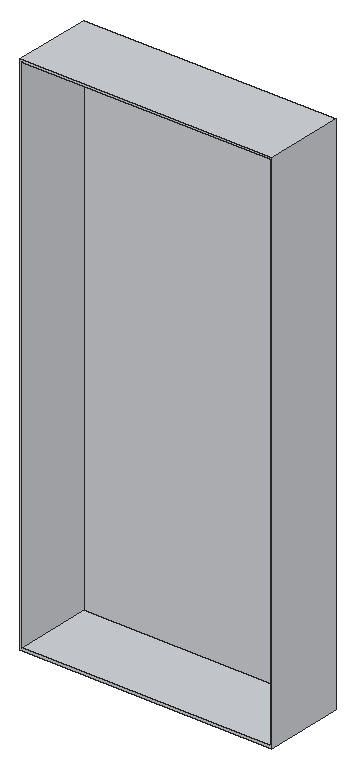
Revit family "Hager-VOLTA-Surface_mounted-IP30-Without_Cover-Without_DIN-NoHosted-CH-it", category Electrical Equipment, Revit 2023
Family settings
  Panel Configuration = Two Columns, Circuits Across
  Round Connector Dimension = Use Diameter
  Part Type = Panelboard
  Work Plane-Based = Yes
  Always vertical = Yes
  Cut with Voids When Loaded = No
  Maintain Annotation Orientation = No
  Shared = No
  Room Calculation Point = No
Parameters (values of type "VOLTA-Surface_mounted_W305_H640_D96_12_Modular_Spacing-VA48MD")
  Width Control [instance] = if([HG000006-Flush mounted-it], if([EF000846 - larghezza di montaggio] > min_whd, [EF000846 - larghezza di montaggio], min_whd), if([EF000008 - larghezza] > min_whd, ([EF000008 - larghezza]), min_whd))  # 305 mm
  Void Depth [instance] = if([EF000218 - profondità di montaggio] > 1 mm, [EF000218 - profondità di montaggio], 1 mm)  # 1 mm
  Uniformat code = "D501001"
  Uniformat = "Low Tension Service & Dist."
  Référence = ""
  HGEF0002950-larghezza in unità di suddivisione = 12
  HGEF000266-Numero di file = 4
  HG000131 - Functional label [instance] = ""
  HG000130 - Functional name [instance] = ""
  HG000099-Onfly Template ID-it-CH = "507532"
  HG000059-Operating voltage-it-CH [instance] = 230 V
  HG000017-Distance between poles-it = 18 mm
  HG000016-Door 3D visibility-it = yes
  HG000015-Clearance visibility-it = yes
  HG000014-Door on the right-it = yes
  HG000013-Door on the left-it = no
  HG000012-Door swing angle-it = 90.00°
  HG000011-Empty rows from bottom-it = no
  HG000010-Asymmetric doors-it = no
  HG000009-Double swing door-it = no
  HG000008-Number of empty rows-it = 0
  HG000007-Number of empty columns-it = 0
  HG000006-Flush mounted-it = no
  HG000005-Thickness-it = 2 mm
  HG000004-Manufacturer reference-it = "VA48MD"
  HG000003-Range-it = "VOLTA"
  HG000002-with door or cover-it = no
  HG000001 - Numero di colonne = 0
  ETIM class name = "Small distribution board"
  ETIM class code = "EC000214"
  EF015941 - porta di trasmissione del segnale = no
  EF015777 - morsettiera a conduttore neutro = no
  EF015776 - morsetto di messa a terra = no
  EF009212 - tipo di coperchio = "con taglio"
  EF006306 - con serratura = no
  EF006244 - coperchio/porta trasparente = no
  EF005474 - grado di protezione (IP) = "IP30"
  EF004464 - tipo di porta = ""
  EF004462 - tipo di chiusura = ""
  EF002950 - numero di unità modulari = 12
  EF001596 - materiale della scatola = ""
  EF001134 - barra DIN = no
  EF001131 - profondità interna = 0 mm
  EF001088 - possibilità di applicazione = yes
  EF001062 - versione EMC = no
  EF000846 - larghezza di montaggio = 0 mm
  EF000339 - tipo di copertura = ""
  EF000332 - altezza di installazione = 0 mm
  EF000266 - numero di file = 4
  EF000218 - profondità di montaggio = 0 mm
  EF000118 - con piastra di montaggio = yes
  EF000116 - numero RAL = 9010
  EF000049 - profondità = 96 mm
  EF000040 - altezza = 640 mm
  EF000024 - resistente ai raggi UV = no
  EF000008 - larghezza = 305 mm
  EF000007 - colore = "bianco"
  EF000003 - modo di montaggio = "apparente"
  Type Comments = ""
  System Height [instance] = Height Control - 2 * [HG000005-Thickness-it]  # 636 mm
  Reference description = ""
  Reference = "VOLTA-Surface_mounted_W305_H640_D96_12_Modular_Spacing-VA48MD"
  Panel Name [instance] = ""  # (empty or 0)
  Offset [instance] = 0 mm
  Object type = ""
  Name hager = "ADD_Enclosures_EC000214"
  Name BIM&CO = "Electricity"
  Name = "VOLTA-Surface_mounted-IP30-Without_Cover-Without_DIN-CH"
  Model = ""
  Level Offset [instance] = [Flush Mounted - Door Frame Width] + Offset  # 0 mm
  HG000060-RAL-number = "9010"
  GTIN (Global Trade Item Number) = ""
  Description = ""
  Default Elevation = 1200 mm
  Creation Date = "12/15/2025 21:43:52"
  Code hager = "ADD-EC000214_EU"
  Code Uniformat = ""
  BIM&CO code = ""
  BC_VARIANT_ID = "1174158"
  BC_OBJECT_VERSION = "#9"  # constant formula
  BC_OBJECT_ID = "513473"  # constant formula
  BC_MODEL_ID = "1547145"  # constant formula
  BC_METADATA = "{\"ObjectGuid\":\"bc35c96e-cb38-443e-833d-0616858cb9ac\",\"ModelGuid\":\"8af03f69-2293-4735-a617-cc53adf55621\",\"VariantGuid\":\"8b6e323b-1b53-409a-a940-11b5a7fc5337\",\"Revision\":\"#4\",\"VariantName\":\"Template-Enclosure_EU-EC000214\"}"
  Arrow Offset [instance] = Depth Control / 8  # 12 mm
  Arrow Height [instance] = Depth Control - Arrow Offset  # 84 mm
  Host Offset [instance] = if([HG000006-Flush mounted-it], 0 mm, [EF000049 - profondità])  # 96 mm
  min_whd [instance] = (2 * [HG000005-Thickness-it]) + 1 mm  # 5 mm
  Manufacturer = "Hager"  # constant formula
  Height Control [instance] = if([HG000006-Flush mounted-it], if([EF000332 - altezza di installazione] > min_whd, [EF000332 - altezza di installazione], min_whd), if([EF000040 - altezza] > min_whd, ([EF000040 - altezza]), min_whd))  # 640 mm
  Flush Mounted - Door Frame Width [instance] = if(([EF000040 - altezza] - [EF000332 - altezza di installazione]) > 0 mm, if([HG000006-Flush mounted-it], [EF000040 - altezza] - [EF000332 - altezza di installazione], 0 mm), 0 mm)  # 0 mm
  Depth Control [instance] = if([HG000006-Flush mounted-it], if([EF000218 - profondità di montaggio] > 0 mm, [EF000218 - profondità di montaggio], 1 mm), if([EF000049 - profondità] > 0 mm, ([EF000049 - profondità]), 1 mm))  # 96 mm
Reference planes
  plane 1 "Center (Front/Back)": y = 0
  plane 2: z = 0
  plane 3 "Center (Left/Right)": x = 0
  plane 4: y = 2
  plane 5: y = 0
  plane 6: y = 0
  plane 7: z = 0
  plane 8: x = -152.5
  plane 9: x = 152.5
  plane 10: x = 150.5
  plane 11: x = -150.5
  plane 12: z = 0
  plane 13: z = 2
  plane 14: y = -91
  plane 15: y = -96
  plane 16: y = -2
  plane 17: z = 638
  plane 18: z = 640
  plane 19: z = 320
  plane 20: x = 0
  plane 21: y = -100
  plane 22 "Annotation H": y = -300
  plane 23 "Annotation V": x = 352.5
Forms (mm)
  Extrusion 1, solid
    sketch origin (-208.679, -4572, 0) x (-1, 0, 0) y (0, -1, 0)
      loop
        line (-56.179, -4476) -> (-361.179, -4476) -> (-361.179, -4572) -> (-56.179, -4572) -> (-56.179, -4476)
    from 0 to 640 <- "Height Control"
  Extrusion 2, void
    sketch origin (-350.771, -96, 1219.2) x (1, 0, 0) y (0, 0, 1)
      loop
        line (200.271, -581.2) -> (200.271, -1217.2) -> (501.271, -1217.2) -> (501.271, -581.2) -> (200.271, -581.2)
    from 0 to -94
  Extrusion 3, solid, detail levels coarse+medium
    sketch origin (-350.771, -96, 1219.2) x (-1, 0, 0) y (0, 0, 1)
      loop
        line (-200.271, -581.2) -> (-501.271, -581.2) -> (-501.271, -1217.2) -> (-200.271, -1217.2) -> (-200.271, -581.2)
    from 0 to 2 <- "HG000005-Thickness-it"
Cuts and joins
  Extrusion 2 cuts Extrusion 1
Dimensions and locks
  "Flush Mounted - Door Frame Width": plane 1 "Center (Front/Back)" to plane 6
  "HG000005-Thickness-it": plane 4 to plane 6
  "HG000005-Thickness-it": plane 8 to plane 11
  "HG000005-Thickness-it": plane 9 to plane 10
  equal spacing: plane 8, plane 3 "Center (Left/Right)", plane 9
  "Width Control": plane 8 to plane 9
  locked: plane 14 to plane 15 at 5
  "Host Offset": plane 1 "Center (Front/Back)" to plane 15
  "Depth Control": plane 5 to plane 15
  "HG000005-Thickness-it": plane 5 to plane 16
  "HG000005-Thickness-it": plane 13 to plane 12
  "Level Offset": plane 12 to level
  "HG000005-Thickness-it": plane 18 to plane 17
  "Height Control": plane 18 to plane 12
  "Arrow Offset": plane 5 to nested 4
  equal spacing: plane 18, plane 19, plane 12
  locked: connector elem to plane 19
  locked: connector elem to plane 3 "Center (Left/Right)"
  Extrusion 2 sketch curve to Extrusion 2 sketch curve to plane 9 = 301 mm, 2 mm
  locked: plane 9 to plane 23 "Annotation V" at 200
  locked: plane 22 "Annotation H" to plane 1 "Center (Front/Back)" at 300
  aligned and locked: nested 1 to plane 14
  aligned and locked: plane 3 "Center (Left/Right)" to nested 1
  aligned and locked: plane 3 "Center (Left/Right)" to nested 2
  aligned and locked: nested 2 to plane 15
  aligned and locked: plane 5 to Extrusion 1
  aligned and locked: Extrusion 3 sketch curve to plane 17
  aligned and locked: Extrusion 3 sketch curve to plane 11
  aligned and locked: plane 13 to Extrusion 3 sketch curve
  aligned and locked: Extrusion 3 sketch curve to plane 10
  aligned and locked: plane 13 to Extrusion 2 sketch curve
  aligned and locked: Extrusion 2 sketch curve to plane 17
  aligned and locked: plane 16 to Extrusion 2
  aligned and locked: plane 5 to Extrusion 1 sketch curve
  aligned and locked: plane 9 to Extrusion 1 sketch curve
  aligned and locked: plane 8 to Extrusion 1 sketch curve
  aligned and locked: plane 8 to nested 4
  aligned and locked: plane 8 to nested 3
  aligned and locked: nested 3 to plane 5
  aligned and locked: Extrusion 1 sketch curve to plane 15
  aligned and locked: Extrusion 2 to plane 15
  aligned and locked: nested 5 to plane 22 "Annotation H"
  aligned and locked: plane 23 "Annotation V" to nested 5
  aligned and locked: plane 11 to Extrusion 2
  aligned and locked: plane 10 to Extrusion 2
Nested families
  nested 1: "Hager_Enclosure_System" at (0, -91, 2), Height <- "System Height", Width_Control <- "Width Control", Built-in_Width <- "EF000846 - larghezza di montaggio", Width <- "EF000008 - larghezza", Depth <- "HG000005-Thickness-it", Border <- "HG000005-Thickness-it", Distance_Between_Poles <- "HG000017-Distance between poles-it", Flush_Mounted <- "HG000006-Flush mounted-it", Empty_Columns <- "HG000007-Number of empty columns-it", Total_No_Empty_Rows <- "HG000008-Number of empty rows-it", Empty_Rows_From_Bottom <- "HG000011-Empty rows from bottom-it", Columns_Count <- "HG000001 - Numero di colonne", Rows_Count <- "HGEF000266-Numero di file", Row_Module_Multiplicator <- "HGEF0002950-larghezza in unità di suddivisione", type "Hager_Enclosure_System", detail levels medium+fine
    with Width_Control 305 mm, Width 305 mm, Total_No_Rows 4, Total_No_Empty_Rows 0, Total_No_Columns 1, System_Width 301 mm, Rows_Count 4, Rows_Column 4, Row_Module_Multiplicator 12, Panel_4 no, Panel_3 no, Panel_2 no, Panel_1 no, No_Panels_Ctrl 1, Hide_Columns yes, Height 636 mm, Flush_Mounted no, Empty_Rows_From_Bottom no, Empty_Rows_Column 0, Empty_Columns 0, Empty column 4 0, Empty column 3 0, Empty column 2 0, Empty column 1 0, Distance_Between_Poles 18 mm, Depth 2 mm, Columns_Count 0, Column_Width 301 mm, Built-in_Width 0 mm, Border 2 mm
  nested 2: "Hager_Enclosure_Door" at (0, -96, 0), Height_Ctrl <- "Height Control", Width_Ctrl <- "Width Control", BuiltIn_Depth <- "EF000218 - profondità di montaggio", Depth <- "EF000049 - profondità", BuiltIn_Width <- "EF000846 - larghezza di montaggio", Height <- "EF000040 - altezza", BuiltIn_Height <- "EF000332 - altezza di installazione", Width <- "EF000008 - larghezza", Transparent <- "EF006244 - coperchio/porta trasparente", Border <- "HG000005-Thickness-it", Door <- "HG000002-with door or cover-it", Flush_Mounted <- "HG000006-Flush mounted-it", Double <- "HG000009-Double swing door-it", Assymetrical <- "HG000010-Asymmetric doors-it", Angle <- "HG000012-Door swing angle-it", Door_Left <- "HG000013-Door on the left-it", Door_Right <- "HG000014-Door on the right-it", Clearance <- "HG000015-Clearance visibility-it", 3d_Door <- "HG000016-Door 3D visibility-it", type "Hager_Enclosure_Door", detail levels medium+fine
    with min_wh 5 mm, Width_Ctrl 305 mm, Width 305 mm, Transparent_Door_No_Bottom_Border no, Transparent no, Leaf_Width 298 mm, Leaf_Tolerance 1.5 mm, Leaf_Height 633 mm, Leaf_2_Width 298 mm, Leaf_2_Offset 149 mm, Leaf_1_Width 298 mm, Leaf_1_Offset 149 mm, Height_Ctrl 640 mm, Height 640 mm, Frame_Width_Ctrl 305 mm, Frame_Width 305 mm, Frame_Internal_Offset 0 mm, Frame_Height_Ctrl 640 mm, Frame_Height 640 mm, Frame_Depth_Ctrl 1 mm, Frame_Depth 0 mm, Flush_Mounted no, Double_Clearance_Ctrl no, Double no, Door_Right_Ctrl no, Door_Right yes, Door_Left_Ctrl no, Door_Left no, Door no, Depth 96 mm, Clearance_Depth 298 mm, Clearance_Ctrl yes, Clearance yes, BuiltIn_Width 0 mm, BuiltIn_Height 0 mm, BuiltIn_Depth 0 mm, Border 2 mm, Assymetrical no, Angle 90.00°, 3d_Door yes
  nested 3: "Hager_Enclosure_Symbol_Triangle" at (-152.5, 0, 0), Depth <- "Depth Control", Width <- "Width Control", type "Hager_Enclosure_Symbol_Triangle"
    with Width_Ctrl 305 mm, Width 305 mm, Depth_Ctrl 96 mm, Depth 96 mm
  nested 4: "Hager_Enclosure_Symbol_Arrow" at (-152.5, -12, 0), Height <- "Arrow Height", type "Hager_Enclosure_Symbol_Arrow"
    with Width_Inside 6.3 mm, Width 75.6 mm, Height_Ctrl 84 mm, Height 84 mm
  nested 5: "Hager_Annotation-HG000130" at (352.5, -300, 0), HG000130 - Functional name <- "HG000130 - Functional name", type "Hager_Annotation-HG000130"
    with HG000130 - Functional name ""
Connectors
  electrical at (0, 0, 320), driven by "HG000059-Operating voltage-it-CH"
    settings: on plane 5, index 1, voltage 230 V, apparent load 0 VA, apparent load phase1 0 VA, apparent load phase2 0 VA, apparent load phase3 0 VA, power factor 1, load classification "Other", number of poles 1, system type 30, power factor state 1, is connector primary yes, connector utility no, sub classification motor no, connector description ""
Definition of nested family "Hager_Enclosure_Door"
  Parameters (values of type "Hager_Enclosure_Door")
    min_wh [instance] = (2 * Border) + 1 mm  # 11 mm
    Width_Ctrl [instance] = 400 mm
    Width [instance] = 500 mm
    Transparent_Door_No_Bottom_Border [instance] = no
    Transparent [instance] = yes
    Leaf_Width [instance] = if((Width_Ctrl - 2 * Border - 2 * Leaf_Tolerance) > 0 mm, (Width_Ctrl - 2 * Border - 2 * Leaf_Tolerance), min_wh)  # 387 mm
    Leaf_Tolerance [instance] = 1.5 mm  # constant formula
    Leaf_Height [instance] = if((Height_Ctrl - 2 * Border - 2 * Leaf_Tolerance) > 0 mm, (Height_Ctrl - 2 * Border - 2 * Leaf_Tolerance), min_wh)  # 387 mm
    Leaf_2_Width [instance] = if(and(and(Double, Assymetrical), Door_Left), (Leaf_Width / 3) - (Leaf_Tolerance / 2), if(and(and(Double, Assymetrical), Door_Right), (Leaf_Width / 3) * 2 - (Leaf_Tolerance / 2), if(and(Double, not(Assymetrical)), (Leaf_Width / 2) - Leaf_Tolerance, Leaf_Width)))  # 387 mm
    Leaf_2_Offset [instance] = if(and(Double, Assymetrical), Leaf_2_Width / 2, if(and(Double, not(Assymetrical)), Leaf_Width / 4, Leaf_Width / 2))  # 193.5 mm
    Leaf_1_Width [instance] = if(and(and(Double, Assymetrical), Door_Right), (Leaf_Width / 3) - (Leaf_Tolerance / 2), if(and(and(Double, Assymetrical), Door_Left), (Width / 3) * 2 - (Leaf_Tolerance / 2), if(and(Double, not(Assymetrical)), (Leaf_Width / 2) - Leaf_Tolerance, Leaf_Width)))  # 387 mm
    Leaf_1_Offset [instance] = if(and(Double, Assymetrical), Leaf_1_Width / 2, if(and(Double, not(Assymetrical)), Leaf_Width / 4, Leaf_Width / 2))  # 193.5 mm
    Height_Ctrl [instance] = 400 mm
    Height [instance] = 500 mm
    Frame_Width_Ctrl [instance] = if(Frame_Width > 0 mm, Frame_Width, 1 mm)  # 1 mm
    Frame_Width [instance] = Width - BuiltIn_Width  # 0 mm
    Frame_Internal_Offset [instance] = if(Flush_Mounted, Border, 0 mm)  # 5 mm
    Frame_Height_Ctrl [instance] = if(Frame_Height > 0 mm, Frame_Height, 1 mm)  # 1 mm
    Frame_Height [instance] = Height - BuiltIn_Height  # 0 mm
    Frame_Depth_Ctrl [instance] = if(Frame_Depth > 0 mm, Frame_Depth, 1 mm)  # 1 mm
    Frame_Depth [instance] = if(Depth - BuiltIn_Depth > 0 mm, if(Flush_Mounted, Depth - BuiltIn_Depth, 0 mm), 0 mm)  # 0 mm
    Flush_Mounted [instance] = yes
    Double_Clearance_Ctrl [instance] = and(Double, Clearance)  # no
    Double [instance] = no
    Door_Right_Ctrl [instance] = and(or(Door_Right, Double), Door)  # yes
    Door_Right [instance] = yes
    Door_Left_Ctrl [instance] = and(or(Door_Left, Double), Door)  # no
    Door_Left [instance] = no
    Door [instance] = yes
    Depth [instance] = 500 mm
    Default Elevation = 1219.2 mm
    Clearance_Material = none
    Clearance_Depth [instance] = if(Leaf_1_Width > Leaf_2_Width, Leaf_1_Width, Leaf_2_Width)  # 387 mm
    Clearance_Ctrl [instance] = and(not(Double), Clearance)  # yes
    Clearance [instance] = yes
    BuiltIn_Width [instance] = 500 mm
    BuiltIn_Height [instance] = 500 mm
    BuiltIn_Depth [instance] = 500 mm
    Border [instance] = 5 mm
    Assymetrical [instance] = yes
    Angle [instance] = 30.00°
    3d_Door [instance] = yes
  Reference planes
    plane 1 "Center (Front/Back)": y = 0
    plane 2 "Bottom": z = 0
    plane 3 "Center (Left/Right)": x = 0
    plane 4: z = 400
    plane 5: x = -200
    plane 6: x = 200
    plane 7: z = 395
    plane 8: x = -195
    plane 9: z = 5
    plane 10: x = 195
    plane 11: y = 0
    plane 12: z = 6.5
    plane 13: x = -582
    plane 14: y = -387
    plane 15: x = 582
    plane 16: x = 0
    plane 17: x = 0
    plane 18: x = -193.5
    plane 19: x = 193.5
    plane 20: z = 393.5
  Forms (mm)
    Extrusion 1, solid, visible <- "Flush_Mounted"
      sketch origin (0, 0, 0) x (1, 0, 0) y (0, 0, 1)
        loop
          line (195, 5) -> (195, 395) -> (-195, 395) -> (-195, 5) -> (195, 5)
        loop
          line (-201, 401) -> (-201, -1) -> (201, -1) -> (201, 401) -> (-201, 401)
      from 0 to 1 <- "Frame_Depth_Ctrl"
    Extrusion 2, solid, material <- "Clearance_Material", visible <- "Double_Clearance_Ctrl"
      sketch origin (1200, 0, 0) x (1, 0, 0) y (0, 0, -1)
        loop
          line (-1782, -393.5) -> (-618, -393.5) -> (-618, 0) -> (-1782, 0) -> (-1782, -393.5)
      from 0 to -387
  Dimensions and locks
    equal spacing: plane 5, plane 3 "Center (Left/Right)", plane 6
    "Width_Ctrl": plane 5 to plane 6
    "Border": plane 5 to plane 8
    "Border": plane 6 to plane 10
    "Border": plane 9 to level
    "Border": plane 4 to plane 7
    "Height_Ctrl": plane 4 to level
    "Leaf_Tolerance": plane 12 to plane 9
    "Frame_Depth": plane 11 to plane 1 "Center (Front/Back)"
    "Frame_Width_Ctrl": plane 5 to Extrusion 1 sketch curve
    "Frame_Width_Ctrl": plane 6 to Extrusion 1 sketch curve
    "Frame_Width_Ctrl": Extrusion 1 sketch curve to plane 4
    "Frame_Width_Ctrl": plane 2 "Bottom" to Extrusion 1 sketch curve
    "Leaf_1_Offset": plane 18 to plane 16
    "Leaf_2_Offset": plane 17 to plane 19
    "Leaf_1_Width": plane 13 to plane 8
    "Leaf_2_Width": plane 10 to plane 15
    "Clearance_Depth": plane 14 to plane 1 "Center (Front/Back)"
    "Leaf_Tolerance": plane 8 to plane 18
    "Leaf_Tolerance": plane 19 to plane 10
    "Leaf_Tolerance": plane 7 to plane 20
    "Frame_Internal_Offset": plane 5 to Extrusion 1 sketch curve
    "Frame_Internal_Offset": Extrusion 1 sketch curve to plane 2 "Bottom"
    "Frame_Internal_Offset": plane 6 to Extrusion 1 sketch curve
    "Frame_Internal_Offset": plane 4 to Extrusion 1 sketch curve
    aligned and locked: level to plane 2 "Bottom"
    aligned and locked: nested 1 to plane 16
    aligned and locked: nested 2 to plane 17
    aligned and locked: Extrusion 2 to plane 13
    aligned and locked: plane 15 to Extrusion 2
    aligned and locked: Extrusion 2 to plane 14
    aligned and locked: plane 12 to nested 1
    aligned and locked: nested 2 to plane 12
    aligned and locked: Extrusion 2 to plane 11
    aligned and locked: plane 20 to Extrusion 2
    aligned and locked: nested 2 to plane 11
    aligned and locked: nested 1 to plane 11
  Automatic sketch dimensions
    Extrusion 2 sketch curve to level = 0 mm
    plane 5 to Extrusion 2 sketch curve = 382 mm
    plane 6 to Extrusion 2 sketch curve = 382 mm
    Extrusion 2 sketch curve to plane 4 = 6.5 mm
  Nested families
    nested 1: "Hager_Enclosure_Door_Leaf" at (0, 0, 6.5), Width <- "Leaf_1_Width", visible <- "Door_Left_Ctrl", Leaf_Height <- "Leaf_Height", Angle <- "Angle", Depth <- "Border", 3d_Door <- "3d_Door", Transparent <- "Transparent", Clearance Material <- "Clearance_Material", Clearance <- "Clearance_Ctrl", Transparent_Door_No_Bottom_Border <- "Transparent_Door_No_Bottom_Border", type "Hager_Enclosure_Door_Leaf"
      with Width 387 mm, Transparent_Door_No_Bottom_Border no, Transparent_Door_Border_Bottom_Top 25 mm, Transparent_Door_Border 25 mm, Transparent_Ctrl yes, Transparent yes, Standard no, Leaf_Height 387 mm, Glass_Offset 1 mm, Depth 5 mm, Clearance Material none, Clearance yes, Angle_Ctrl 30.00°, Angle 30.00°, 3d_Door yes
    nested 2: "Hager_Enclosure_Door_Leaf" at (0, 0, 6.5) x (-1, 0, 0) z (0, 0, 1), Width <- "Leaf_2_Width", visible <- "Door_Right_Ctrl", Leaf_Height <- "Leaf_Height", Angle <- "Angle", Depth <- "Border", 3d_Door <- "3d_Door", Transparent <- "Transparent", Clearance Material <- "Clearance_Material", Clearance <- "Clearance_Ctrl", Transparent_Door_No_Bottom_Border <- "Transparent_Door_No_Bottom_Border", type "Hager_Enclosure_Door_Leaf"
      with Width 387 mm, Transparent_Door_No_Bottom_Border no, Transparent_Door_Border_Bottom_Top 25 mm, Transparent_Door_Border 25 mm, Transparent_Ctrl yes, Transparent yes, Standard no, Leaf_Height 387 mm, Glass_Offset 1 mm, Depth 5 mm, Clearance Material none, Clearance yes, Angle_Ctrl 30.00°, Angle 30.00°, 3d_Door yes
  Definition of nested family "Hager_Enclosure_Door_Leaf"
    Parameters (values of type "Hager_Enclosure_Door_Leaf")
      Width [instance] = 2000 mm
      Transparent_Door_No_Bottom_Border [instance] = yes
      Transparent_Door_Border_Bottom_Top [instance] = if(Transparent_Door_No_Bottom_Border, 0.1 mm, Transparent_Door_Border)  # 0.1 mm
      Transparent_Door_Border [instance] = if(Transparent_Door_No_Bottom_Border, (Width * 0.12), 25 mm)  # 240 mm
      Transparent_Ctrl [instance] = and(Transparent, [3d_Door])  # yes
      Transparent [instance] = yes
      Standard [instance] = and(not(Transparent), [3d_Door])  # no
      Leaf_Height [instance] = 2720.336 mm
      Glass_Offset [instance] = if((Depth - 10 mm) / 2 > 0 mm, (Depth - 10 mm) / 2, 1 mm)  # 15 mm
      Glass_Material = none
      Depth [instance] = 40 mm
      Default Elevation = 0 mm
      Clearance Material [instance] = none
      Clearance [instance] = yes
      Angle_Ctrl [instance] = if(Angle > 170.00°, 170.00°, Angle)  # 45.00°
      Angle [instance] = 45.00°
      3d_Door [instance] = yes
    Reference planes
      plane 1 "Center (Front/Back)": y = 0
      plane 2: z = 0
      plane 3 "Center (Left/Right)": x = 0
      plane 4: y = 2000
      plane 5: x = -1000
      plane 6: x = 1000
      plane 7: x = -3000
      plane 8: z = 2720.336
      plane 9: z = 0.1
      plane 10: z = 2720.236
      plane 11: x = 760
      plane 12: x = -760
    Forms (mm)
      Extrusion 1, solid, material <- "Clearance Material", visible <- "Clearance"
        sketch origin (0, 0, 0) x (1, 0, 0) y (0, 0, 1)
          loop
            line (-3000, 2720.336) -> (-3000, 0) -> (1000, 0) -> (1000, 2720.336) -> (-3000, 2720.336)
        from 0 to -2000
      Extrusion 2, solid, visible <- "Standard", detail levels medium+fine
        sketch origin (-1000, 0, 0) x (0.707107, 0.707107, 0) y (-0.707107, 0.707107, 0)
          loop
            line (0, -40) -> (2000, -40) -> (2000, 0) -> (0, 0) -> (0, -40)
        from 0 to 2720.336 <- "Leaf_Height"
      Extrusion 3, solid, visible <- "Transparent_Ctrl", detail levels medium+fine
        sketch origin (-1000, 0, 0) x (0.707107, 0.707107, 0) y (-0.707107, 0.707107, 0)
          loop
            line (0, -40) -> (2000, -40) -> (2000, 0) -> (0, 0) -> (0, -40)
        from 0 to 2720.336 <- "Leaf_Height"
      Extrusion 4, void, detail levels medium+fine
        sketch origin (-1000, 0, 0) x (-0.707107, 0.707107, 0) y (0.707107, 0.707107, 0)
          loop
            line (0, 240) -> (0, 1760) -> (-40, 1760) -> (-40, 240) -> (0, 240)
        from -2720.236 to -0.1
      Extrusion 5, solid, material <- "Glass_Material", visible <- "Transparent_Ctrl", detail levels medium+fine
        sketch origin (-1000, 0, 0) x (0.707107, 0.707107, 0) y (-0.707107, 0.707107, 0)
          loop
            line (240, -15) -> (240, -25) -> (1760, -25) -> (1760, -15) -> (240, -15)
        from 0.1 to 2720.236
    Cuts and joins
      Extrusion 4 cuts Extrusion 3
    Lines and regions (mm)
      symbolic lines
        curve 1: line (1000, 0, 0) -> (-3000, 0, 0)
        curve 2: arc (1000, 0, 0) -> (-1000, 2000, 0) -> (-3000, 0, 0) r 2000
        curve 4: line (-1000, 0, 0) -> (414.214, 1414.214, 0)
      reference lines
        curve 3: line (-1000, 0, 0) -> (414.214, 1414.214, 0)
      symbolic lines, detail levels medium+fine
        curve 5: line (414.214, 1414.214, 0) -> (442.498, 1385.929, 0)
        curve 6: line (442.498, 1385.929, 0) -> (-971.716, -28.284, 0)
        curve 7: line (-971.716, -28.284, 0) -> (-1000, 0, 0)
        curve 8: line (-1000, 0, 2720.336) -> (1000, 0, 2720.336)
        curve 9: line (-1000, 0, 0) -> (-1000, 0, 2720.336)
        curve 10: line (1000, 0, 0) -> (-1000, 0, 0)
        curve 11: line (1000, 0, 2720.336) -> (1000, 0, 0)
      symbolic lines, visible <- "Transparent_Ctrl", detail levels medium+fine
        curve 12: line (-760, 0, 2720.236) -> (760, 0, 2720.236)
        curve 13: line (-760, 0, 0.1) -> (-760, 0, 2720.236)
        curve 14: line (760, 0, 0.1) -> (-760, 0, 0.1)
        curve 15: line (760, 0, 2720.236) -> (760, 0, 0.1)
    Dimensions and locks
      "Width": plane 1 "Center (Front/Back)" to plane 4
      equal spacing: plane 5, plane 3 "Center (Left/Right)", plane 6
      "Width": plane 5 to plane 6
      "Width": plane 7 to plane 5
      "Leaf_Height": plane 8 to level
      "Depth": curve 6 to curve 3
      "Width": curve 5 to curve 3
      "Width": curve 3 to curve 3
      "Transparent_Door_Border": Extrusion 4 sketch curve to curve 7
      "Transparent_Door_Border": Extrusion 4 sketch curve to curve 5
      "Transparent_Door_Border_Bottom_Top": plane 8 to plane 10
      "Transparent_Door_Border_Bottom_Top": plane 9 to level
      "Glass_Offset": Extrusion 5 sketch curve to curve 4
      "Glass_Offset": Extrusion 5 sketch curve to curve 6
      "Transparent_Door_Border": Extrusion 5 sketch curve to curve 5
      "Transparent_Door_Border": Extrusion 5 sketch curve to curve 7
      "Transparent_Door_Border": plane 12 to plane 5
      "Transparent_Door_Border": plane 6 to plane 11
      "Angle_Ctrl": angle plane 1 "Center (Front/Back)" to curve 3
      aligned and locked: level to plane 2
      aligned and locked: Extrusion 1 to curve 1
      aligned and locked: plane 6 to Extrusion 1
      aligned and locked: Extrusion 1 to plane 1 "Center (Front/Back)"
      aligned and locked: plane 4 to Extrusion 1
      aligned and locked: plane 8 to Extrusion 1
      aligned and locked: curve 4 to curve 3
      aligned and locked: Extrusion 2 sketch curve to curve 7
      aligned and locked: Extrusion 2 sketch curve to curve 6
      aligned and locked: Extrusion 2 sketch curve to curve 5
      aligned and locked: Extrusion 2 sketch curve to curve 3
      aligned and locked: curve 7 to Extrusion 3 sketch curve
      aligned and locked: Extrusion 3 sketch curve to curve 4
      aligned and locked: Extrusion 3 sketch curve to curve 6
      aligned and locked: Extrusion 3 sketch curve to curve 5
      aligned and locked: curve 4 to Extrusion 4 sketch curve
      aligned and locked: curve 6 to Extrusion 4 sketch curve
      aligned and locked: Extrusion 4 to plane 9
      aligned and locked: Extrusion 4 to plane 10
      aligned and locked: Extrusion 5 to plane 9
      aligned and locked: Extrusion 5 to plane 10
      aligned and locked: curve 8 to plane 8
      aligned and locked: plane 5 to curve 9
      aligned and locked: plane 2 to curve 10
      aligned and locked: curve 11 to plane 6
      aligned and locked: plane 10 to curve 12
      aligned and locked: plane 12 to curve 13
      aligned and locked: curve 14 to plane 9
      aligned and locked: plane 11 to curve 15
    Automatic sketch dimensions
      plane 1 "Center (Front/Back)" to curve 2 = 0 mm
      curve 2 to plane 5 = 0 mm
      Extrusion 1 sketch curve to level = 0 mm
      Extrusion 1 sketch curve to plane 7 = 0 mm
      Extrusion 1 sketch curve to plane 6 = 0 mm
      Extrusion 1 sketch curve to plane 8 = 0 mm
      plane 1 "Center (Front/Back)" to curve 3 = 0 mm
      curve 3 to plane 5 = 0 mm
      curve 7 to curve 3 = 0 mm
Definition of nested family "Hager_Enclosure_Symbol_Triangle"
  Parameters (values of type "Hager_Enclosure_Symbol_Triangle")
    Width_Ctrl [instance] = if(Width > 1 mm, Width, 1 mm)  # 498 mm
    Width [instance] = 498 mm
    Depth_Ctrl [instance] = if(Depth > 1 mm, Depth, 1 mm)  # 72 mm
    Depth [instance] = 72 mm
  Reference planes
    plane 1 "Centre (avant/arrière)": y = 0
    plane 2: z = 0
    plane 3 "Centre (gauche/droite)": x = 0
  Lines and regions (mm)
    Filled region 1, type "Solid_Black", in view "Niveau de réf."
      outline origin (0, 0, 0) x (1, 0, 0) y (0, 1, 0)
        loop
          line (0, 0) -> (498, 0) -> (498, 72) -> (0, 0)
    reference lines, in view "Niveau de réf."
      curve 1: line (-206.153, 72, 0) -> (1083.258, 72, 0)
      curve 2: line (498, 405.456, 0) -> (498, -517.619, 0)
  Dimensions and locks
    "Depth_Ctrl": plane 1 "Centre (avant/arrière)" to curve 1
    "Width_Ctrl": plane 3 "Centre (gauche/droite)" to curve 2
    aligned and locked: curve 1 to Filled region 1 sketch curve
    aligned and locked: Filled region 1 sketch curve to plane 1 "Centre (avant/arrière)"
    aligned and locked: curve 2 to Filled region 1 sketch curve
    aligned and locked: plane 3 "Centre (gauche/droite)" to Filled region 1 sketch curve
    aligned and locked: plane 1 "Centre (avant/arrière)" to Filled region 1 sketch curve
  Automatic sketch dimensions
    curve 1 to plane 3 "Centre (gauche/droite)" = 206.153 mm
    curve 2 to curve 1 = 585.258 mm
    plane 1 "Centre (avant/arrière)" to curve 2 = 517.619 mm
    curve 2 to plane 1 "Centre (avant/arrière)" = 405.456 mm
Definition of nested family "Hager_Enclosure_Symbol_Arrow"
  Parameters (values of type "Hager_Enclosure_Symbol_Arrow")
    Width_Inside [instance] = if(Width / 12 > 2 mm, Width / 12, 2 mm)  # 4.987 mm
    Width [instance] = if(Height_Ctrl * 0.9 > 2 mm, Height_Ctrl * 0.9, 2 mm)  # 59.85 mm
    Height_Ctrl [instance] = if(Height > 2 mm, Height, 2 mm)  # 66.5 mm
    Height [instance] = 66.5 mm
  Reference planes
    plane 1 "Centre (avant/arrière)": y = 0
    plane 2: z = 0
    plane 3 "Centre (gauche/droite)": x = 0
    plane 4: x = 59.85
    plane 5: y = 28.263
    plane 6: y = 38.238
    plane 7: y = 66.5
    plane 8: x = 29.925
    plane 9: y = 33.25
  Lines and regions (mm)
    Filled region 1, type "Solid_Black", in view "Niveau de réf."
      outline origin (0, 0, 0) x (1, 0, 0) y (0, 1, 0)
        loop
          line (59.85, 66.5) -> (37.929, 52.827) -> (51.846, 41.935) -> (59.85, 66.5)
    detail lines, in view "Niveau de réf."
      curve 1: line (0, 0, 0) -> (29.925, 38.238, 0)
      curve 2: line (29.925, 38.238, 0) -> (29.925, 28.263, 0)
      curve 3: line (29.925, 28.263, 0) -> (59.85, 66.5, 0)
  Dimensions and locks
    "Width": plane 3 "Centre (gauche/droite)" to plane 4
    "Height_Ctrl": plane 7 to plane 1 "Centre (avant/arrière)"
    equal spacing: plane 3 "Centre (gauche/droite)", plane 8, plane 4
    equal spacing: plane 7, plane 9, plane 1 "Centre (avant/arrière)"
    equal spacing: plane 6, plane 9, plane 5
    "Width_Inside": plane 6 to plane 9
    equal spacing: curve 3, Filled region 1 sketch curve, Filled region 1 sketch curve
    angle Filled region 1 sketch curve to curve 3 = 20.00°
    angle curve 3 to Filled region 1 sketch curve = 20.00°
    locked: curve 3 to Filled region 1 sketch curve (angle 90.00°)
  Automatic sketch dimensions
    plane 1 "Centre (avant/arrière)" to curve 1 = 0 mm
    curve 1 to plane 3 "Centre (gauche/droite)" = 0 mm
    curve 2 to plane 6 = 0 mm
    curve 3 to plane 8 = 0 mm
    curve 3 to plane 4 = 0 mm
    curve 2 to plane 5 = 0 mm
    curve 3 to plane 7 = 0 mm
    Filled region 1 sketch curve to plane 4 = 0 mm
    Filled region 1 sketch curve to plane 7 = 0 mm
Definition of nested family "Hager_Annotation-HG000130"
  Parameters (values of type "Hager_Annotation-HG000130")
    HG000130 - Functional name [instance] = ""
  Reference planes
    plane 1: y = 0
    plane 2: x = 0
  Lines and regions (mm)
    detail lines
      curve 1: line (-27.5, 10, 0) -> (27.5, 10, 0)
      curve 2: line (-27.5, -10, 0) -> (-27.5, 10, 0)
      curve 3: line (27.5, -10, 0) -> (-27.5, -10, 0)
      curve 4: line (27.5, 10, 0) -> (27.5, -10, 0)
  Text (mm)
    label "HG000130 - Functional name" at (0.16, 0.026, 0), shows "HG000130 - Functional name"
